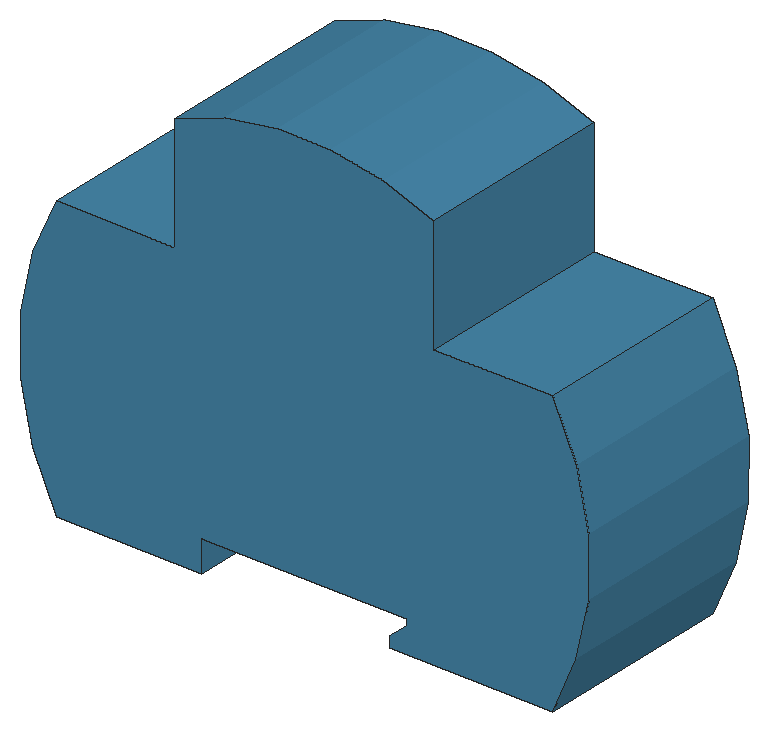
Revit family "Blitzstormableiter 1-polig NPE", category Generic Models, Revit 2015
Parameters (values of type "MC 125-B NPE")
  Width 1 = 44.9 mm
  Width = 100 mm
  URL = "http://www.obo-bettermann.com"
  Material = PA6 MF15 BLAU
  Manufacturer Art.No. = "5096863"
  Manufacturer = "OBO Bettermann"
  Length = 35 mm
  Height 1 = 49.5 mm
  Height = 74.7 mm
  GTIN = "4012195966449"
  Article Type = "MC 125-B NPE"
Reference planes
  plane 1 "Center (Front/Back)": y = 0
  plane 2: z = 0
  plane 3 "Center (Left/Right)": x = 0
  plane 4: z = 49.5
  plane 5: x = -50
  plane 6: x = 50
  plane 7: y = 35
  plane 8: z = 74.7
  plane 9: z = 69.7
Forms (mm)
  Extrusion 1, solid, material "PA6 MF15 BLAU" <- "Material"
    sketch origin (0, 0, 0) x (1, 0, 0) y (0, 0, 1)
      loop
        line (-18, 0.011) -> (-18, 5.5) -> (18, 5.5) -> (18, 4.48) -> (15, 1.772) -> (15, -0.016) -> (43.44, -0.016)
        arc (43.44, -0.016) -> (49.992, 24.724) -> (43.5, 49.481) r 50.213
        line (43.5, 49.481) -> (22.7, 49.481) -> (22.7, 69.7)
        arc (22.7, 69.7) -> (0, 74.7) -> (-22.7, 69.7) r 54.029
        line (-22.7, 69.7) -> (-22.7, 49.513) -> (-43.4, 49.513)
        arc (-43.4, 49.513) -> (-50.021, 24.767) -> (-43.44, 0.011) r 49.702
        line (-43.44, 0.011) -> (-18, 0.011)
    from -35 to 0
Dimensions and locks
  locked: Extrusion 1 sketch curve to level at 5.5
  locked: Extrusion 1 sketch curve to Extrusion 1 sketch curve at 36
  locked: plane 3 "Center (Left/Right)" to Extrusion 1 sketch curve at 18
  locked: Extrusion 1 sketch curve to Extrusion 1 sketch curve at 33
  locked: Extrusion 1 sketch curve to level at 1.772
  locked: Extrusion 1 sketch curve to Extrusion 1 sketch curve at 1.02
  locked: Extrusion 1 sketch curve to Extrusion 1 sketch curve at 86.88
  locked: plane 3 "Center (Left/Right)" to Extrusion 1 sketch curve at 43.44
  "Height 1": plane 4 to level
  locked: Extrusion 1 sketch curve to Extrusion 1 sketch curve at 86.9
  "Width": plane 6 to plane 5
  locked: plane 3 "Center (Left/Right)" to plane 5 at 50
  locked: plane 3 "Center (Left/Right)" to Extrusion 1 sketch curve at 43.4
  "Length": plane 1 "Center (Front/Back)" to plane 7
  locked: plane 8 to plane 9 at 5
  "Height": plane 8 to level
  radius of Extrusion 1 sketch curve = 54.029 mm
  radius of Extrusion 1 sketch curve = 49.702 mm
  radius of Extrusion 1 sketch curve = 50.213 mm
  aligned and locked: level to plane 2
  aligned and locked: plane 7 to Extrusion 1
  aligned and locked: plane 1 "Center (Front/Back)" to Extrusion 1
  aligned and locked: plane 9 to Extrusion 1 sketch curve  (x2)
Automatic sketch dimensions
  Extrusion 1 sketch curve to plane 3 "Center (Left/Right)" = 0 mm
  plane 4 to Extrusion 1 sketch curve = 0.013 mm
  Extrusion 1 sketch curve to Extrusion 1 sketch curve = 0.099 mm
  Extrusion 1 sketch curve to plane 4 = 0.019 mm
  Extrusion 1 sketch curve to level = 0.016 mm
  Extrusion 1 sketch curve to Extrusion 1 sketch curve = 4.056 mm
